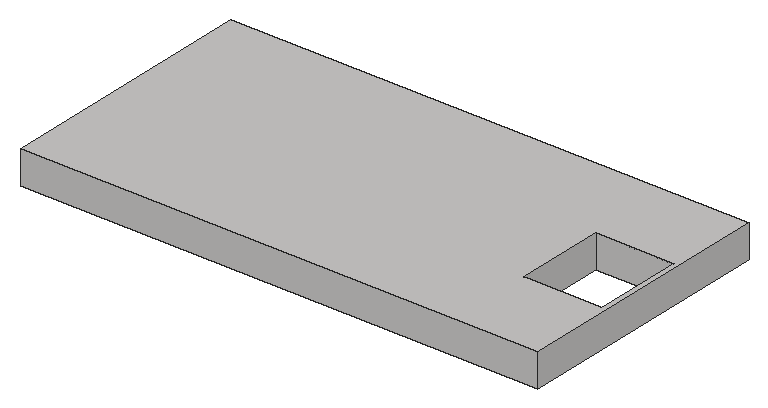
Revit family "G805-007 CAB60", category Mechanical Equipment, Revit 2012
Parameters (values of type "36 TON")
  Water Outlet Radius = 0' - 1 5/16"
  Water Inlet Radius = 0' - 1 5/16"
  URL = "http://www.desert-aire.com/"
  Type Comments = ""
  RC Return Radius = 0' - 0 3/8"
  Outdoor Unit = yes
  Model = "G805-007"
  Manufacturer = "DESERT AIRE"
  Description = "NON-PACKAGED"
  Curb Height [instance] = 0' - 8"
  Cost = 0
Types (4): name | Water Outlet Radius | Water Inlet Radius | RC Return Radius | Model
  (no name) | 0' - 1 5/16" | 0' - 1 5/16" | 0' - 0 3/8" | "G805-007"
  36 TON | 0' - 1 5/16" | 0' - 1 5/16" | 0' - 0 3/8" | "G805-007"
  40 TON | 0' - 1 9/16" | 0' - 1 9/16" | 0' - 0 3/8" | "G805-001"
  46 TON | 0' - 1 9/16" | 0' - 1 9/16" | 0' - 0 7/16" | "G805-001"
Reference planes (in)
  plane 1: y = 0
  plane 2: z = 0
  plane 3: x = 0
  plane 4: z = 8
  plane 5: z = 81.395
Forms (in)
  Extrusion 1, solid, material "Steel"
    sketch origin (-10.97373, 0, 0) x (1, 0, 0) y (0, 1, 0)
      loop
        line (-52.17452, 35.82908) -> (-52.17452, -28.67092) -> (74.95048, -28.67092) -> (74.95048, 35.82908) -> (-52.17452, 35.82908)
      loop
        line (54.5275, 14.53978) -> (54.5275, -7.50774) -> (73.68798, -7.50774) -> (73.68798, 14.53978) -> (54.5275, 14.53978)
    from 0 to 8
Dimensions and locks (in)
  "Curb Height": plane 4 to plane 2
  locked: plane 5 to plane 4 at 73.395
  aligned and locked: Extrusion 1 to plane 2
  aligned and locked: plane 4 to Extrusion 1
  aligned and locked: plane 4 to import instance
  aligned and locked: import instance to plane 5
  aligned and locked: import instance to import instance  (x2)
Automatic sketch dimensions
  plane 1 to Extrusion 1 sketch curve = 2' - 4.67092"
  Extrusion 1 sketch curve to plane 3 = 5' - 3.14825"
  plane 1 to Extrusion 1 sketch curve = 0' - 7.50774"
  plane 3 to Extrusion 1 sketch curve = 3' - 7.55377"
  Extrusion 1 sketch curve to Extrusion 1 sketch curve = 1' - 7.16047"
  Extrusion 1 sketch curve to Extrusion 1 sketch curve = 0' - 1.2625"
  Extrusion 1 sketch curve to plane 1 = 1' - 2.53978"
  Extrusion 1 sketch curve to Extrusion 1 sketch curve = 1' - 9.2893"
Connectors (in)
  piping at (-22.72093, -0.91043, 0)
    settings: on Extrusion 1, index 5, connector radius 1/2", flow factor 0, pipe flow 0 GPM, pressure drop 0.00 psi, fitting loss kfactor 0, connector angle 0.00°, fixture units 0, engagement length 0' - 0", flow configuration 0, flow direction 0, fitting loss method 0, system type 22, joint type 0, gender type 0, connector reference index -1, connector utility 0, adjustable connector no, is connector primary yes, fitting loss table "", connector description "BOTTOM CONDENSATE"
  piping at (-23.08271, -32.69524, 16.08375)
    settings: on import instance, index 29, connector radius 1/2", flow factor 0, pipe flow 0 GPM, pressure drop 0.00 psi, fitting loss kfactor 0, connector angle 0.00°, fixture units 0, engagement length 0' - 0", flow configuration 0, flow direction 0, fitting loss method 0, system type 22, joint type 0, gender type 0, connector reference index -1, connector utility 0, adjustable connector no, is connector primary no, fitting loss table "", connector description "LEFT SIDE CONDENSATE"
  piping at (23.91729, -32.69524, 16.08375)
    settings: on import instance, index 30, connector radius 9/16", flow factor 0, pipe flow 0 GPM, pressure drop 0.00 psi, fitting loss kfactor 0, connector angle 0.00°, fixture units 0, engagement length 0' - 0", flow configuration 0, flow direction 0, fitting loss method 0, system type 7, joint type 0, gender type 0, connector reference index -1, connector utility 0, adjustable connector no, is connector primary no, fitting loss table "", connector description "LEFT SIDE RC DISCHARGE CONNECTION LOCATION"
  piping at (23.91729, -32.69524, 18.58375), driven by "RC Return Radius"
    settings: on import instance, index 31, connector radius 3/8", flow factor 0, pipe flow 0 GPM, pressure drop 0.00 psi, fitting loss kfactor 0, connector angle 0.00°, fixture units 0, engagement length 0' - 0", flow configuration 0, flow direction 0, fitting loss method 0, system type 8, joint type 0, gender type 0, connector reference index -1, connector utility 0, adjustable connector no, is connector primary no, fitting loss table "", connector description "LEFT SIDE RC RETURN CONNECTION LOCATION"
  piping at (23.91729, -32.69524, 24.58375), driven by "Water Inlet Radius"
    settings: on import instance, index 32, connector radius 1 5/16", flow factor 0, pipe flow 0 GPM, pressure drop 0.00 psi, fitting loss kfactor 0, connector angle 0.00°, fixture units 0, engagement length 0' - 0", flow configuration 0, flow direction 0, fitting loss method 0, system type 20, joint type 0, gender type 0, connector reference index -1, connector utility 0, adjustable connector no, is connector primary no, fitting loss table "", connector description "LEFT SIDE WATER INLET CONNECTION LOCATION"
  piping at (23.91729, -32.69524, 28.33375), driven by "Water Outlet Radius"
    settings: on import instance, index 33, connector radius 1 5/16", flow factor 0, pipe flow 0 GPM, pressure drop 0.00 psi, fitting loss kfactor 0, connector angle 0.00°, fixture units 0, engagement length 0' - 0", flow configuration 0, flow direction 0, fitting loss method 0, system type 20, joint type 0, gender type 0, connector reference index -1, connector utility 0, adjustable connector no, is connector primary no, fitting loss table "", connector description "LEFT SIDE WATER OUTLET CONNECTION LOCATION"
  electrical at (70.92457, -28.4526, 77.86236)
    settings: on import instance, index 34, voltage 0 V, apparent load 0 VA, apparent load phase1 0 VA, apparent load phase2 0 VA, apparent load phase3 0 VA, power factor 1, load classification "Other", number of poles 1, system type 30, power factor state 1, is connector primary yes, connector utility no, sub classification motor no, connector description "OPTIONAL DISCONNECT LOCATION"
  hvac at (70.92457, 3.4587, 25.07219)
    settings: on import instance, index 35, duct flow 0 CFM, flow factor 0, pres drop 0.00 in-wg, loss coef 0, conn angle 0.00°, conn width 22 1/8", conn height 19", conn radius 12", duct sys type 1, conn prof type 1, flow config 0, flow direction 0, loss method 0, conn ref index -1, conn util no, is conn primary yes, conn desc "SUPPLY DISCHARGE"
  piping at (-23.11058, 39.80476, 16.16119)
    settings: on import instance, index 36, connector radius 1/2", flow factor 0, pipe flow 0 GPM, pressure drop 0.00 psi, fitting loss kfactor 0, connector angle 0.00°, fixture units 0, engagement length 0' - 0", flow configuration 0, flow direction 0, fitting loss method 0, system type 22, joint type 0, gender type 0, connector reference index -1, connector utility 0, adjustable connector no, is connector primary no, fitting loss table "", connector description "RIGHT SIDE CONDENSATE"
  piping at (23.91729, 39.80476, 16.09869)
    settings: on import instance, index 37, connector radius 9/16", flow factor 0, pipe flow 0 GPM, pressure drop 0.00 psi, fitting loss kfactor 0, connector angle 0.00°, fixture units 0, engagement length 0' - 0", flow configuration 0, flow direction 0, fitting loss method 0, system type 7, joint type 0, gender type 0, connector reference index -1, connector utility 0, adjustable connector no, is connector primary no, fitting loss table "", connector description "RIGHT SIDE RC DISCHARGE CONNECTION LOCATION"
  piping at (23.91729, 39.80476, 18.59869), driven by "RC Return Radius"
    settings: on import instance, index 38, connector radius 3/8", flow factor 0, pipe flow 0 GPM, pressure drop 0.00 psi, fitting loss kfactor 0, connector angle 0.00°, fixture units 0, engagement length 0' - 0", flow configuration 0, flow direction 0, fitting loss method 0, system type 8, joint type 0, gender type 0, connector reference index -1, connector utility 0, adjustable connector no, is connector primary no, fitting loss table "", connector description "RIGHT SIDE RC RETURN CONNECTION LOCATION"
  piping at (23.91729, 39.80476, 24.59869), driven by "Water Inlet Radius"
    settings: on import instance, index 39, connector radius 1 5/16", flow factor 0, pipe flow 0 GPM, pressure drop 0.00 psi, fitting loss kfactor 0, connector angle 0.00°, fixture units 0, engagement length 0' - 0", flow configuration 0, flow direction 0, fitting loss method 0, system type 20, joint type 0, gender type 0, connector reference index -1, connector utility 0, adjustable connector no, is connector primary no, fitting loss table "", connector description "RIGHT SIDE WATER INLET CONNECTION LOCATION"
  piping at (23.91729, 39.80476, 28.34869), driven by "Water Outlet Radius"
    settings: on import instance, index 40, connector radius 1 5/16", flow factor 0, pipe flow 0 GPM, pressure drop 0.00 psi, fitting loss kfactor 0, connector angle 0.00°, fixture units 0, engagement length 0' - 0", flow configuration 0, flow direction 0, fitting loss method 0, system type 20, joint type 0, gender type 0, connector reference index -1, connector utility 0, adjustable connector no, is connector primary no, fitting loss table "", connector description "RIGHT SIDE WATER OUTLET CONNECTION LOCATION"
  hvac at (60.28011, 3.4588, 82.225)
    settings: on import instance, index 41, duct flow 0 CFM, flow factor 0, pres drop 0.00 in-wg, loss coef 0, conn angle 0.00°, conn width 19", conn height 22 1/8", conn radius 12", duct sys type 1, conn prof type 1, flow config 0, flow direction 0, loss method 0, conn ref index -1, conn util no, is conn primary no, conn desc "SUPPLY DISCHARGE"
  hvac at (-69.72093, 3.54989, 47.56364)
    settings: on import instance, index 42, duct flow 0 CFM, flow factor 0, pres drop 0.00 in-wg, loss coef 0, conn angle 0.00°, conn width 59 7/8", conn height 67 1/4", conn radius 12", duct sys type 3, conn prof type 1, flow config 0, flow direction 0, loss method 0, conn ref index -1, conn util no, is conn primary no, conn desc "O/A INTAKE"
  hvac at (53.08918, 3.5402, 14)
    settings: on import instance, index 43, duct flow 0 CFM, flow factor 0, pres drop 0.00 in-wg, loss coef 0, conn angle 0.00°, conn width 22 1/8", conn height 19", conn radius 12", duct sys type 1, conn prof type 1, flow config 0, flow direction 0, loss method 0, conn ref index -1, conn util no, is conn primary no, conn desc "SUPPLY AIR DUCT CONNECTION"
